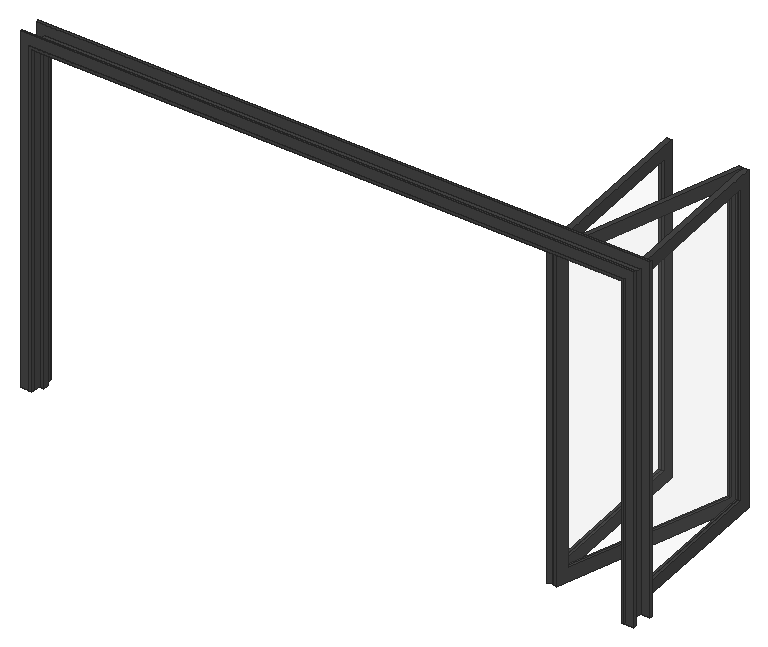
Revit family "Parametric folding door", category Doors, host Wall, Revit 2020
Family settings
  Host = Wall
  OmniClass Number = 23.30.10.00
  OmniClass Title = Doors
  Always vertical = Yes
  Cut with Voids When Loaded = No
  Shared = No
  Room Calculation Point = No
Parameters (values of type "Bifold door [parametric]")
  Trail width = 35 mm
  Trail thickness = 40 mm
  Trail = Door - Bifold - Jamb & Trail
  Rough Width = Width + (2 * Jamb thickness)  # 5040 mm
  Rough Height = Width + Jamb thickness  # 5020 mm
  Right 5 = No of right panels > 4  # no
  Right 4 = No of right panels > 3  # no
  Right 3 = No of right panels > 2  # no
  Right 2 = No of right panels > 1  # no
  Right 1 = No of right panels > 0  # no
  Panel width = (Width - (2 * Trail width)) / (No of right panels + No of left panels)  # 1643.333 mm
  Panel thickness = 40 mm
  Panel space = ((Panel thickness) * (sin(Open angle))) + (Panel width * (cos(Open angle)))  # 324.754 mm
  Panel mullion width = 100 mm
  Panel mullion = Door - Bifold - Panel Mullion
  Panel height = Height - Trail width  # 2565 mm
  Open angle = 80.00°
  No of right panels = 0
  No of left panels = 3
  Left 5 = No of left panels > 4  # no
  Left 4 = No of left panels > 3  # no
  Left 3 = No of left panels > 2  # yes
  Left 2 = No of left panels > 1  # yes
  Left 1 = No of left panels > 0  # yes
  Jamb width = 200 mm
  Jamb thickness = 20 mm
  Jamb = Door - Bifold - Jamb & Trail
  Internal frame visible = yes
  Glass thickness = 4 mm
  Glass = Door - Bifold - Glass
  Function = Exterior
  Frame thickness = 20 mm
  Frame Width = 100 mm
  Height = 2600 mm
  Wall Closure = Both
  Width = 5000 mm
  External offset = 50 mm
  External frame visible = yes
  Define Thermal Properties by = Schematic Type
  Assembly Code = ""
  Analytic Construction = "<None>"
Reference planes
  plane 1: y = 227.471
  plane 2 "Center (Left/Right)": x = -330.874
  plane 3 "Left": x = -2850.874
  plane 4 "Right": x = 2189.126
  plane 5: z = 2620
  plane 6 "Exterior": y = 302.471
  plane 7 "Interior": y = 152.471
  plane 8: x = -2830.874
  plane 9: x = 2169.126
  plane 10: x = -2795.874
  plane 11: x = 2134.126
  plane 12: y = 327.471
  plane 13: y = 127.471
  plane 14: z = 2600
  plane 15: y = 232.471
  plane 16: y = 252.471
  plane 17: y = 212.471
  plane 18: z = 2565
  plane 19: x = -2471.12
  plane 20: x = -2146.366
  plane 21: x = -1821.611
  plane 22: x = -1496.857
  plane 23: x = -1172.103
  plane 24: x = 1809.372
  plane 25: x = 1484.618
  plane 26: x = 1159.864
  plane 27: x = 835.109
  plane 28: x = 510.355
Forms (mm)
  Extrusion 1, solid, material "Door - Bifold - Jamb & Trail" <- "Jamb", visible <- "Internal frame visible"
    sketch origin (-3050, 152.471, 0) x (1, 0, 0) y (0, 0, 1)
      loop
        line (119.126, 0) -> (219.126, 0) -> (219.126, 2600) -> (5219.126, 2600) -> (5219.126, 0) -> (5319.126, 0) -> (5319.126, 2700) -> (119.126, 2700) -> (119.126, 0)
    from 0 to 20
  Extrusion 2, solid, material "Door - Bifold - Jamb & Trail" <- "Jamb", visible <- "External frame visible"
    sketch origin (-3050, 302.471, 0) x (-1, 0, 0) y (0, 0, 1)
      loop
        line (-219.126, 0) -> (-119.126, 0) -> (-119.126, 2700) -> (-5319.126, 2700) -> (-5319.126, 0) -> (-5219.126, 0) -> (-5219.126, 2600) -> (-219.126, 2600) -> (-219.126, 0)
    from 0 to 20
  Extrusion 3, solid, material "Door - Bifold - Jamb & Trail" <- "Jamb"
    sketch origin (0, 302.471, 0) x (1, 0, 0) y (0, 0, 1)
      loop
        line (2189.126, 0) -> (2189.126, 2620) -> (-2850.874, 2620) -> (-2850.874, 0) -> (-2830.874, 0) -> (-2830.874, 2600) -> (2169.126, 2600) -> (2169.126, 0) -> (2189.126, 0)
    from -25 to 175
  Extrusion 4, solid, material "Door - Bifold - Jamb & Trail" <- "Trail"
    sketch origin (0, 302.471, 0) x (1, 0, 0) y (0, 0, 1)
      loop
        line (2169.126, 0) -> (2169.126, 2600) -> (-2830.874, 2600) -> (-2830.874, 0) -> (-2795.874, 0) -> (-2795.874, 2565) -> (2134.126, 2565) -> (2134.126, 0) -> (2169.126, 0)
    from 50 to 90
Lines and regions (mm)
  Opening 1
    outline origin (-3050, 152.471, 0) x (1, 0, 0) y (0, 0, 1)
      loop
        line (199.126, 0) -> (5239.126, 0) -> (5239.126, 2620) -> (199.126, 2620) -> (199.126, 0)
  reference lines
    curve 1: line (-2795.874, 252.471, 0) -> (-2746.634, 243.789, 0)
Text (mm)
  text "Exterior" at (-2978.255, 2278.681, 0), in view "Ref. Level"
  text "Exterior" at (0, 1615.38, 3698.081), in view "Left"
  text "Exterior" at (0, 1036.032, 3874.932), in view "Right"
Dimensions and locks
  equal spacing: plane 3 "Left", plane 2 "Center (Left/Right)", plane 4 "Right"
  "Width": plane 8 to plane 9
  "Height": host wall to plane 14
  level to plane 14 = 2600 mm
  "Frame thickness": Extrusion 2 to Extrusion 2
  "Frame thickness": Extrusion 1 to Extrusion 1
  "Frame Width": plane 8 to Extrusion 1 sketch curve
  "Frame Width": plane 9 to Extrusion 1 sketch curve
  "Frame Width": Extrusion 1 sketch curve to plane 14
  "Frame Width": plane 9 to Extrusion 2 sketch curve
  "Frame Width": plane 8 to Extrusion 2 sketch curve
  "Frame Width": plane 14 to Extrusion 2 sketch curve
  locked: plane 6 "Exterior" to host wall
  locked: plane 7 "Interior" to host wall
  "Jamb thickness": plane 3 "Left" to plane 8
  "Jamb thickness": plane 9 to plane 4 "Right"
  "Trail width": plane 8 to plane 10
  "Trail width": plane 11 to plane 9
  "Jamb width": plane 13 to plane 12
  equal spacing: plane 13, plane 1, plane 12
  "Jamb thickness": plane 14 to plane 5
  equal spacing: plane 17, plane 15, plane 16
  "Trail thickness": plane 17 to plane 16
  "External offset": plane 6 "Exterior" to plane 16
  "Trail width": plane 18 to plane 14
  "Panel space": plane 10 to plane 19
  "Panel space": plane 19 to plane 20
  "Panel space": plane 20 to plane 21
  "Panel space": plane 21 to plane 22
  "Panel space": plane 22 to plane 23
  "Panel space": plane 24 to plane 11
  "Panel space": plane 25 to plane 24
  "Panel space": plane 26 to plane 25
  "Panel space": plane 27 to plane 26
  "Panel space": plane 28 to plane 27
  aligned and locked: plane 3 "Left" to Opening 1 sketch curve
  aligned and locked: plane 5 to Opening 1 sketch curve  (x2)
  aligned and locked: Opening 1 sketch curve to plane 4 "Right"
  aligned and locked: Opening 1 sketch curve to level
  aligned and locked: level to Extrusion 1 sketch curve
  aligned and locked: level to Extrusion 2 sketch curve
  aligned and locked: plane 1 to host wall
  aligned and locked: Extrusion 3 sketch curve to level  (x2)
  aligned and locked: Extrusion 3 sketch curve to plane 4 "Right"
  aligned and locked: Extrusion 3 sketch curve to plane 5
  aligned and locked: plane 3 "Left" to Extrusion 3 sketch curve
  aligned and locked: plane 14 to Extrusion 3 sketch curve
  aligned and locked: Extrusion 3 sketch curve to plane 9
  aligned and locked: Extrusion 3 sketch curve to plane 8
  aligned and locked: Extrusion 3 to plane 12
  aligned and locked: Extrusion 3 to plane 13
  aligned and locked: Extrusion 4 sketch curve to level  (x2)
  aligned and locked: Extrusion 4 sketch curve to plane 9
  aligned and locked: plane 14 to Extrusion 4 sketch curve
  aligned and locked: plane 18 to Extrusion 4 sketch curve
  aligned and locked: Extrusion 4 sketch curve to plane 8
  aligned and locked: Extrusion 4 sketch curve to plane 10
  aligned and locked: Extrusion 4 sketch curve to plane 11
  aligned and locked: Extrusion 4 to plane 16
  aligned and locked: Extrusion 4 to plane 17
  aligned and locked: Extrusion 2 sketch curve to plane 9
  aligned and locked: plane 14 to Extrusion 2 sketch curve
  aligned and locked: Extrusion 2 sketch curve to plane 8
  aligned and locked: Extrusion 1 sketch curve to plane 8
  aligned and locked: plane 14 to Extrusion 1 sketch curve
  aligned and locked: Extrusion 1 sketch curve to plane 9
  aligned and locked: plane 10 to Extrusion 4
  aligned and locked: plane 10 to nested 1
  aligned and locked: nested 1 to plane 16
  aligned: plane 20 to nested 2
  aligned and locked: plane 16 to nested 2
  aligned and locked: nested 2 to nested 3
  aligned and locked: nested 3 to plane 16
  aligned and locked: plane 16 to nested 4
  aligned and locked: nested 4 to plane 22
  aligned and locked: nested 5 to plane 22
  aligned and locked: nested 5 to plane 16
  aligned and locked: nested 6 to plane 11
  aligned and locked: nested 6 to plane 16
  aligned and locked: plane 25 to nested 7
  aligned and locked: plane 16 to nested 7
  aligned and locked: plane 25 to nested 8
  aligned and locked: nested 8 to plane 16
  aligned and locked: plane 27 to nested 9
  aligned and locked: nested 9 to plane 16
  aligned and locked: plane 27 to nested 10
  aligned and locked: plane 16 to nested 10
Automatic sketch dimensions
  Extrusion 1 sketch curve to level = 0 mm
  Extrusion 2 sketch curve to level = 0 mm
  curve 1 to plane 10 = 0 mm
  curve 1 to plane 16 = 0 mm
  curve 1 to plane 16 = 8.682 mm
  plane 10 to curve 1 = 49.24 mm
Nested families
  nested 1: "Copy of Bifold panel" at (-2795.874, 252.471, 0), visible <- "Right 1", type "Bifold panel"
    with Panel width 1643.333 mm, Panel height 2565 mm
  nested 2: "Copy of Bifold panel" at (-1151.198, 252.471, 0) x (-1, 0, 0) z (0, 0, 1), visible <- "Right 2", type "Bifold panel"
    with Panel width 1643.333 mm, Panel height 2565 mm
  nested 3: "Copy of Bifold panel" at (-1151.198, 252.471, 0), visible <- "Right 3", type "Bifold panel"
    with Panel width 1643.333 mm, Panel height 2565 mm
  nested 4: "Copy of Bifold panel" at (-1496.857, 252.471, 0) x (-1, 0, 0) z (0, 0, 1), visible <- "Right 4", type "Bifold panel"
    with Panel width 1643.333 mm, Panel height 2565 mm
  nested 5: "Copy of Bifold panel" at (-1496.857, 252.471, 0), visible <- "Right 5", type "Bifold panel"
    with Panel width 1643.333 mm, Panel height 2565 mm
  nested 6: "Copy of Bifold panel" at (2134.126, 252.471, 0) x (-1, 0, 0) z (0, 0, 1), visible <- "Left 1", type "Bifold panel"
    with Panel width 1643.333 mm, Panel height 2565 mm
  nested 7: "Copy of Bifold panel" at (1484.618, 252.471, 0), visible <- "Left 2", type "Bifold panel"
    with Panel width 1643.333 mm, Panel height 2565 mm
  nested 8: "Copy of Bifold panel" at (1484.618, 252.471, 0) x (-1, 0, 0) z (0, 0, 1), visible <- "Left 3", type "Bifold panel"
    with Panel width 1643.333 mm, Panel height 2565 mm
  nested 9: "Copy of Bifold panel" at (835.109, 252.471, 0), visible <- "Left 4", type "Bifold panel"
    with Panel width 1643.333 mm, Panel height 2565 mm
  nested 10: "Copy of Bifold panel" at (835.109, 252.471, 0) x (-1, 0, 0) z (0, 0, 1), visible <- "Left 5", type "Bifold panel"
    with Panel width 1643.333 mm, Panel height 2565 mm
Definition of nested family "Copy of Bifold panel"
  Parameters
    Panel width = 800 mm
    Panel thickness = 40 mm
    Panel mullion width = 100 mm
    Panel mullion = none
    Panel height = 2090 mm
    Open angle = 80.00°
    Glass thickness = 4 mm
    Glass position = (Panel thickness - Glass thickness) / 2  # 18 mm
    Glass = none
    Default Elevation = 0 mm
    Assembly Code = ""
  Reference planes
    plane 1 "Center (Front/Back)": y = 0
    plane 2 "Bottom": z = 0
    plane 3 "Left": x = 0
    plane 4: z = 2090
  Forms (mm)
    Sweep 1, solid, material <- "Panel mullion"
      path origin (0, 0, 0) x (0, 1, 0) y (0, 0, 1)
        loop
          line (0, 0) -> (0, 2090)
      profile origin (0, 0, 1045) x (0, -1, 0) y (1, 0, 0)
        loop
          line (6.946, 39.392) -> (-780.9, 178.311) -> (-787.846, 138.919) -> (0, 0) -> (6.946, 39.392)
    Extrusion 2, void
      sketch origin (178.311, 780.9, 0) x (0, 0, -1) y (-0.173648, -0.984808, 0)
        loop
          line (-100, 700) -> (-1990, 700) -> (-1990, 100) -> (-100, 100) -> (-100, 700)
      from 0 to 40 <- "Panel thickness"
    Extrusion 3, solid, material <- "Glass"
      sketch origin (160.946, 682.42, 100) x (-0.173648, -0.984808, 0) y (0.984808, -0.173648, 0)
        loop
          line (0, -18) -> (0, -22) -> (600, -22) -> (600, -18) -> (0, -18)
      from 0 to 1890
  Cuts and joins
    Extrusion 2 cuts Sweep 1
  Dimensions and locks
    "Panel height": plane 4 to level
    "Panel width": Sweep 1 sketch curve to Sweep 1 sketch curve
    "Panel thickness": Sweep 1 sketch curve to Sweep 1 sketch curve
    "Panel mullion width": Extrusion 2 sketch curve to cut or joined group of Sweep 1, Extrusion 2
    "Panel mullion width": cut or joined group of Sweep 1, Extrusion 2 to Extrusion 2 sketch curve  (x3)
    "Glass thickness": Extrusion 3 sketch curve to Extrusion 3 sketch curve
    "Glass position": Extrusion 3 sketch curve to cut or joined group of Sweep 1, Extrusion 2
    "Open angle": angle plane 1 "Center (Front/Back)" to Sweep 1 sketch curve
    aligned and locked: level to plane 2 "Bottom"
    aligned and locked: plane 1 "Center (Front/Back)" to Sweep 1 sketch curve  (x2)
    aligned and locked: plane 3 "Left" to Sweep 1 sketch curve
    aligned and locked: Extrusion 3 sketch curve to cut or joined group of Sweep 1, Extrusion 2  (x2)
    aligned and locked: cut or joined group of Sweep 1, Extrusion 2 to Extrusion 3
  Automatic sketch dimensions
    Sweep 1 sketch curve to level = 0 mm
    Sweep 1 sketch curve to plane 4 = 0 mm
